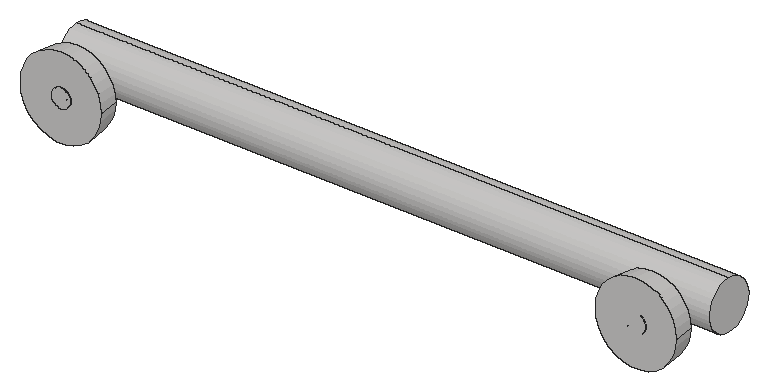
Revit family "Krome C9021-C9028 VS seris", category Pipe Fittings, Revit 2018
Family settings
  Round Connector Dimension = Use Diameter
  Part Type = Elbow
  Work Plane-Based = No
  Always vertical = Yes
  Cut with Voids When Loaded = No
  Shared = No
Parameters (values of type "C9025-VS-30"  Balance Grab Bar Vibrant Stainless")
  tube dia 2 [instance] = 0' - 2.52"
  base depth [instance] = 0' - 1"
  Weight (kgs) = "1.06"
  URL = "https://kromedispense.co.in/"
  Tube Dia [instance] = 0' - 1"
  Model = "C9021 - VS Series"
  Grab Bar space [instance] = 0' - 2 3/4"
  Grab Bar Material [instance] = Stainless Steel
  Grab Bar Length [instance] = 2' - 6"
Types (8): name | Weight (kgs) | Tube Dia | Grab Bar Material | Grab Bar Length
  C9022-VS-16"  Balance Grab Bar Vibrant Stainless | ".79" | 0' - 1 67/256" | none | 1' - 4"
  C9021-VS-12"  Balance Grab Bar Vibrant Stainless | "0.71" | 0' - 1 67/256" | none | 1' - 0"
  C9026-VS-36"  Balance Grab Bar Vibrant Stainless | "1.18" | 0' - 1 67/256" | none | 3' - 0"
  C9024-VS-24"  Balance Grab Bar Vibrant Stainless | ".94" | 0' - 1 67/256" | none | 2' - 0"
  C9023-VS-18"  Balance Grab Bar Vibrant Stainless | "0.83" | 0' - 1 67/256" | Stainless Steel | 1' - 6"
  C9028-VS-48"  Balance Grab Bar Vibrant Stainless | "1.42" | 0' - 1" | Stainless Steel | 4' - 0"
  C9027-VS-42"  Balance Grab Bar Vibrant Stainless | "1.3" | 0' - 1" | Stainless Steel | 3' - 6"
  C9025-VS-30"  Balance Grab Bar Vibrant Stainless | "1.06" | 0' - 1" | Stainless Steel | 2' - 6"
Reference planes (in)
  plane 1: y = 33.3
  plane 2 "Center (Left/Right)": x = 0
  plane 3 "Wall Edge": y = 6.05
  plane 4 "Grab Bar hight": z = 30
  plane 5: x = -30
  plane 6 "WALL FACE": y = 3.8
  plane 7 "Base Depth": y = 4.8
  plane 8: x = -32
  plane 9: x = 2
Forms (in)
  Sweep 1, solid, material "Stainless Steel"
    path origin (0, 0, 30) x (1, 0, 0) y (0, 1, 0)
      loop
        line (-30, 3.75296) -> (-30, 7.3)
    profile origin (-30, 5.52648, 30) x (-1, 0, 0) y (0, 0, 1)
      loop
        circle (0, 0) r 0.5
  Blend 2, solid, material "Stainless Steel"
    base sketch origin (0, 3.66914, 0) x (1, 0, 0) y (0, 0, 1)
      loop
        circle (-30, 30) r 2.13
    top sketch origin (0, 3.8, 0) x (1, 0, 0) y (0, 0, 1)
      loop
        circle (-30, 30) r 2
    from -0.08382 to -1
  Blend 3, solid, material "Stainless Steel"
    base sketch origin (0, 3.3, 0) x (1, 0, 0) y (0, 0, 1)
      loop
        circle (0, 30) r 2
    top sketch origin (0, 3.8, 0) x (1, 0, 0) y (0, 0, 1)
      loop
        circle (0, 30) r 2.13
    from -1.5 to 0.04704
  Sweep 4, solid, material "Stainless Steel"
    path origin (47.88367, 0.1807, 30) x (1, 0, 0) y (0, 1, 0)
      loop
        line (-47.88367, 3.57225) -> (-47.88367, 7.1193)
    profile origin (0, 5.52648, 30) x (-1, 0, 0) y (0, 0, 1)
      loop
        circle (0, 0) r 0.5
  Sweep 5, solid, material "Stainless Steel"
    path origin (0, 7.3, 0) x (1, 0, 0) y (0, 0, 1)
      loop
        line (2, 30) -> (-32, 30)
    profile origin (-15, 7.3, 30) x (0, 0, -1) y (0, -1, 0)
      loop
        circle (0, 0) r 1.26
Text (in)
  text "Placement Side" at (0, 40.15149, 123.01588), in view "Right"
  text "Placement Side" at (-70.3804, 28.46503, 0), in view "Ref. Level"
  text "Placement Side" at (0, 81.62555, 140.59947), in view "Left"
Dimensions and locks (in)
  "Grab Bar Length": plane 5 to plane 2 "Center (Left/Right)"
  "base depth": plane 6 "WALL FACE" to plane 7 "Base Depth"
  locked: plane 5 to plane 8 at 2
  locked: plane 9 to plane 2 "Center (Left/Right)" at 2
  "Tube Dia": diameter of Sweep 1 sketch curve
  diameter of var sketch = 0' - 4"
  "Tube Dia": diameter of Sweep 4 sketch curve
  "tube dia 2": diameter of Sweep 5 sketch curve
  aligned and locked: Blend 3 to Blend 2
  aligned and locked: Blend 2 to plane 7 "Base Depth"
  aligned and locked: Blend 2 to Blend 3
  aligned and locked: plane 2 "Center (Left/Right)" to Sweep 4 sketch curve
  aligned and locked: plane 9 to Sweep 5 sketch curve
  aligned and locked: plane 8 to Sweep 5 sketch curve
Automatic sketch dimensions
  Blend 2 sketch curve to plane 4 "Grab Bar hight" = 0' - 0"  (x2)
  Blend 2 sketch curve to plane 5 = 0' - 0"  (x2)
  Blend 3 sketch curve to plane 2 "Center (Left/Right)" = 0' - 0"  (x2)
  Blend 3 sketch curve to plane 4 "Grab Bar hight" = 0' - 0"  (x2)
  Sweep 5 sketch curve to plane 4 "Grab Bar hight" = 0' - 0"
  Sweep 4 sketch curve to plane 2 "Center (Left/Right)" = 0' - 0"
  plane 6 "WALL FACE" to Sweep 4 sketch curve = 0' - 0.04704"
  Sweep 4 sketch curve to plane 3 "Wall Edge" = 0' - 1 1/4"
  Sweep 1 sketch curve to plane 5 = 0' - 0"
  plane 6 "WALL FACE" to Sweep 1 sketch curve = 0' - 0.04704"
  Sweep 1 sketch curve to plane 3 "Wall Edge" = 0' - 1 1/4"
  Sweep 1 sketch curve to plane 4 "Grab Bar hight" = 0' - 0"
  Sweep 1 sketch curve to profile plane = 0' - 0"
  Sweep 4 sketch curve to profile plane = 0' - 0"  (x2)
  Sweep 5 sketch curve to profile plane = 0' - 0"  (x2)
  radius of Blend 2 sketch curve = 0' - 2"
  radius of Blend 3 sketch curve = 0' - 2"
  radius of Blend 3 sketch curve = 0' - 2.13"
  radius of Blend 2 sketch curve = 0' - 2.13"
